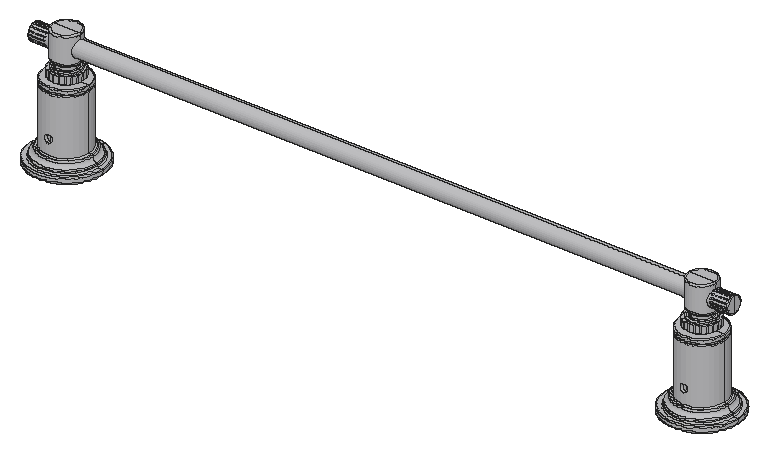
Revit family "Accessory-Towel_Bar-KALLISTA-Central_Park_West-P31424_1", category Specialty Equipment, host Face, Revit 2021 (continued)
Definition of nested family "P31424"
  Lines and regions (in)
    symbolic lines, detail levels medium+fine
      curve 79: arc (-8.98062, -0.46006, 0) -> (-8.92859, -0.45491, 0) -> (-8.87747, -0.44391, 0) r 0.46154
      curve 80: arc (-8.87747, -0.44391, 0) -> (-8.86436, -0.41909, 0) -> (-8.8392, -0.43155, 0) r 0.02011
      curve 81: line (-9.41463, 0.1987, 0) -> (-9.88732, 0.1987, 0)
      curve 82: spline (-9.88732, 0.1987, 0) -> (-9.89142, 0.19861, 0) -> (-9.89534, 0.19785, 0) -> (-9.89877, 0.19647, 0) -> (-9.90143, 0.19458, 0) -> (-9.90312, 0.19233, 0) -> (-9.90369, 0.18991, 0) -> (-9.9031, 0.1875, 0) -> (-9.9014, 0.1853, 0) -> (-9.89872, 0.18349, 0) -> (-9.89528, 0.18221, 0) -> (-9.89136, 0.18155, 0) -> (-9.88726, 0.18158, 0)
      curve 83: line (-9.88726, 0.18158, 0) -> (-9.41463, 0.18158, 0)
      curve 84: line (-9.4136, 0.12942, 0) -> (-9.8873, 0.12942, 0)
      curve 85: spline (-9.8873, 0.12942, 0) -> (-9.8914, 0.12935, 0) -> (-9.89533, 0.12828, 0) -> (-9.89876, 0.12629, 0) -> (-9.90143, 0.12356, 0) -> (-9.90311, 0.12029, 0) -> (-9.90369, 0.11675, 0) -> (-9.9031, 0.11322, 0) -> (-9.90141, 0.10999, 0) -> (-9.89873, 0.1073, 0) -> (-9.89529, 0.10538, 0) -> (-9.89137, 0.10438, 0) -> (-9.88726, 0.10438, 0)
      curve 86: line (-9.88726, 0.10438, 0) -> (-9.4136, 0.10438, 0)
      curve 87: line (-9.40924, 0.03796, 0) -> (-9.8873, 0.03796, 0)
      curve 88: spline (-9.8873, 0.03796, 0) -> (-9.8914, 0.0379, 0) -> (-9.89532, 0.03671, 0) -> (-9.89875, 0.03447, 0) -> (-9.90142, 0.03136, 0) -> (-9.90311, 0.02764, 0) -> (-9.90369, 0.0236, 0) -> (-9.90311, 0.01956, 0) -> (-9.90141, 0.01584, 0) -> (-9.89873, 0.01275, 0) -> (-9.8953, 0.01053, 0) -> (-9.89137, 0.00935, 0) -> (-9.88727, 0.00932, 0)
      curve 89: line (-9.88727, 0.00932, 0) -> (-9.40924, 0.00932, 0)
      curve 90: line (-9.41232, -0.05989, 0) -> (-9.88729, -0.05989, 0)
      curve 91: spline (-9.88729, -0.05989, 0) -> (-9.89139, -0.05991, 0) -> (-9.89532, -0.06102, 0) -> (-9.89875, -0.06313, 0) -> (-9.90142, -0.06607, 0) -> (-9.90311, -0.06961, 0) -> (-9.90369, -0.07345, 0) -> (-9.90311, -0.07731, 0) -> (-9.90141, -0.08086, 0) -> (-9.89874, -0.08382, 0) -> (-9.8953, -0.08597, 0) -> (-9.89138, -0.08711, 0) -> (-9.88727, -0.08717, 0)
      curve 92: line (-9.88727, -0.08717, 0) -> (-9.41232, -0.08717, 0)
      curve 93: line (-9.41223, -0.14719, 0) -> (-9.88728, -0.14719, 0)
      curve 94: spline (-9.88728, -0.14719, 0) -> (-9.89138, -0.14718, 0) -> (-9.89531, -0.14801, 0) -> (-9.89874, -0.14963, 0) -> (-9.90142, -0.15189, 0) -> (-9.90311, -0.15463, 0) -> (-9.90369, -0.15762, 0) -> (-9.90311, -0.16062, 0) -> (-9.90142, -0.16339, 0) -> (-9.89874, -0.16572, 0) -> (-9.89531, -0.16741, 0) -> (-9.89138, -0.16833, 0) -> (-9.88728, -0.1684, 0)
      curve 95: line (-9.88728, -0.1684, 0) -> (-9.41223, -0.1684, 0)
      curve 96: line (-9.40772, -0.20885, 0) -> (-9.88727, -0.20885, 0)
      curve 97: spline (-9.88727, -0.20885, 0) -> (-9.89137, -0.20881, 0) -> (-9.89529, -0.20922, 0) -> (-9.89873, -0.21007, 0) -> (-9.90141, -0.21127, 0) -> (-9.9031, -0.21273, 0) -> (-9.90369, -0.21434, 0) -> (-9.90311, -0.21597, 0) -> (-9.90143, -0.21749, 0) -> (-9.89876, -0.21877, 0) -> (-9.89533, -0.21971, 0) -> (-9.89141, -0.22025, 0) -> (-9.88731, -0.22033, 0)
      curve 98: line (-9.88731, -0.22033, 0) -> (-9.40772, -0.22033, 0)
      curve 99: arc (-9.41463, 0.18158, 0) -> (-9.40607, 0.19014, 0) -> (-9.41463, 0.1987, 0) r 0.00856
      curve 100: arc (-9.4136, 0.10438, 0) -> (-9.40108, 0.1169, 0) -> (-9.4136, 0.12942, 0) r 0.01252
      curve 101: arc (-9.40924, 0.00932, 0) -> (-9.39492, 0.02364, 0) -> (-9.40924, 0.03796, 0) r 0.01432
      curve 102: arc (-9.41232, -0.08717, 0) -> (-9.39867, -0.07353, 0) -> (-9.41232, -0.05989, 0) r 0.01364
      curve 103: arc (-9.41223, -0.1684, 0) -> (-9.40162, -0.1578, 0) -> (-9.41223, -0.14719, 0) r 0.01061
      curve 104: arc (-9.40772, -0.22033, 0) -> (-9.40198, -0.21459, 0) -> (-9.40772, -0.20885, 0) r 0.00574
      curve 105: circle (-9, 0.0006, 0) r 0.38848 normal (0, 0, 1)
      curve 106: line (-8.69159, 0.23682, 0) -> (-8.0022, 0.23682, 0)
      curve 107: line (-8.69159, -0.23562, 0) -> (-8.0023, -0.23562, 0)
      curve 108: line (9.89, 0.23682, 0) -> (9.30841, 0.23682, 0)
      curve 109: line (9.89016, -0.23562, 0) -> (9.30841, -0.23562, 0)
      curve 110: arc (9.82788, 0.23682, 0) -> (9, 0.86187, 0) -> (8.17212, 0.23682, 0) r 0.86079
      curve 111: arc (9.5896, 0.23682, 0) -> (9, 0.63605, 0) -> (8.4104, 0.23682, 0) r 0.63498
      curve 112: arc (8.43369, 0.23682, 0) -> (9, 0.6142, 0) -> (9.56631, 0.23682, 0) r 0.6136
      curve 113: arc (8.31769, 0.23682, 0) -> (9, 0.72297, 0) -> (9.68231, 0.23682, 0) r 0.72189
      curve 114: arc (8.18952, 0.23682, 0) -> (9, 0.84514, 0) -> (9.81048, 0.23682, 0) r 0.84407
      curve 115: arc (8.17239, -0.23562, 0) -> (9, -0.85971, 0) -> (9.82761, -0.23562, 0) r 0.86079
      curve 116: arc (8.41079, -0.23562, 0) -> (9, -0.6339, 0) -> (9.58921, -0.23562, 0) r 0.63498
      curve 117: arc (9.56631, -0.23562, 0) -> (9, -0.613, 0) -> (8.43369, -0.23562, 0) r 0.6136
      curve 118: arc (9.68198, -0.23562, 0) -> (9, -0.72081, 0) -> (8.31802, -0.23562, 0) r 0.72189
      curve 119: arc (9.8102, -0.23562, 0) -> (9, -0.84299, 0) -> (8.1898, -0.23562, 0) r 0.84407
      curve 120: line (9.90986, -0.21592, 0) -> (9.90986, 0.21696, 0)
      curve 121: arc (9.90986, 0.21696, 0) -> (9.90404, 0.231, 0) -> (9.89, 0.23682, 0) r 0.01986
      curve 122: arc (9.89016, -0.23562, 0) -> (9.90409, -0.22985, 0) -> (9.90986, -0.21592, 0) r 0.0197
      curve 123: arc (8.61452, 0.25491, 0) -> (8.64277, 0.2593, 0) -> (8.63809, 0.28751, 0) r 0.02011
      curve 124: arc (8.63809, 0.28751, 0) -> (8.67289, 0.32669, 0) -> (8.71191, 0.36167, 0) r 0.46154
      curve 125: arc (8.71191, 0.36167, 0) -> (8.7402, 0.35703, 0) -> (8.7444, 0.38538, 0) r 0.02011
      curve 126: arc (8.7444, 0.38538, 0) -> (8.78963, 0.41189, 0) -> (8.83757, 0.43309, 0) r 0.46154
      curve 127: arc (8.83757, 0.43309, 0) -> (8.86305, 0.41987, 0) -> (8.8758, 0.44559, 0) r 0.02011
      curve 128: arc (8.8758, 0.44559, 0) -> (8.92701, 0.45681, 0) -> (8.97916, 0.46215, 0) r 0.46154
      curve 129: arc (8.97916, 0.46215, 0) -> (8.99931, 0.44166, 0) -> (9.01939, 0.46221, 0) r 0.02011
      curve 130: arc (9.01939, 0.46221, 0) -> (9.07156, 0.45704, 0) -> (9.12281, 0.44598, 0) r 0.46154
      curve 131: arc (9.12281, 0.44598, 0) -> (9.13563, 0.42029, 0) -> (9.16107, 0.4336, 0) r 0.02011
      curve 132: arc (9.16107, 0.4336, 0) -> (9.20908, 0.41255, 0) -> (9.25439, 0.38619, 0) r 0.46154
      curve 133: arc (9.25439, 0.38619, 0) -> (9.25868, 0.35784, 0) -> (9.28695, 0.36257, 0) r 0.02011
      curve 134: arc (9.28695, 0.36257, 0) -> (9.32608, 0.32771, 0) -> (9.36101, 0.28865, 0) r 0.46154
      curve 135: arc (9.36101, 0.28865, 0) -> (9.35641, 0.26043, 0) -> (9.38468, 0.25612, 0) r 0.02011
      curve 136: arc (8.8392, -0.43155, 0) -> (8.7913, -0.41059, 0) -> (8.74608, -0.38434, 0) r 0.46154
      curve 137: arc (8.74608, -0.38434, 0) -> (8.7413, -0.35663, 0) -> (8.71349, -0.36077, 0) r 0.02011
      curve 138: arc (8.71349, -0.36077, 0) -> (8.67439, -0.32603, 0) -> (8.63947, -0.28709, 0) r 0.46154
      curve 139: arc (8.63947, -0.28709, 0) -> (8.64357, -0.2592, 0) -> (8.61575, -0.25461, 0) r 0.02011
      curve 140: arc (9.38505, -0.2534, 0) -> (9.35725, -0.25808, 0) -> (9.36143, -0.28596, 0) r 0.02011
      curve 141: arc (9.36143, -0.28596, 0) -> (9.32664, -0.32501, 0) -> (9.28765, -0.35987, 0) r 0.46154
      curve 142: arc (9.28765, -0.35987, 0) -> (9.25982, -0.35582, 0) -> (9.25513, -0.38354, 0) r 0.02011
      curve 143: arc (9.25513, -0.38354, 0) -> (9.20999, -0.40993, 0) -> (9.16215, -0.43105, 0) r 0.46154
      curve 144: arc (9.16215, -0.43105, 0) -> (9.13696, -0.41866, 0) -> (9.12392, -0.44352, 0) r 0.02011
      curve 145: arc (9.12392, -0.44352, 0) -> (9.07284, -0.45468, 0) -> (9.02083, -0.46, 0) r 0.46154
      curve 146: arc (9.02083, -0.46, 0) -> (9.00069, -0.44047, 0) -> (8.98062, -0.46006, 0) r 0.02011
      curve 147: arc (8.98062, -0.46006, 0) -> (8.92859, -0.45491, 0) -> (8.87747, -0.44391, 0) r 0.46154
      curve 148: arc (8.87747, -0.44391, 0) -> (8.86436, -0.41909, 0) -> (8.8392, -0.43155, 0) r 0.02011
      curve 149: line (9.41463, 0.1987, 0) -> (9.88732, 0.1987, 0)
      curve 150: spline (9.88732, 0.1987, 0) -> (9.89142, 0.19861, 0) -> (9.89534, 0.19785, 0) -> (9.89877, 0.19647, 0) -> (9.90143, 0.19458, 0) -> (9.90312, 0.19233, 0) -> (9.90369, 0.18991, 0) -> (9.9031, 0.1875, 0) -> (9.9014, 0.1853, 0) -> (9.89872, 0.18349, 0) -> (9.89528, 0.18221, 0) -> (9.89136, 0.18155, 0) -> (9.88726, 0.18158, 0)
      curve 151: line (9.88726, 0.18158, 0) -> (9.41463, 0.18158, 0)
      curve 152: line (9.4136, 0.12942, 0) -> (9.8873, 0.12942, 0)
      curve 153: spline (9.8873, 0.12942, 0) -> (9.8914, 0.12935, 0) -> (9.89533, 0.12828, 0) -> (9.89876, 0.12629, 0) -> (9.90143, 0.12356, 0) -> (9.90311, 0.12029, 0) -> (9.90369, 0.11675, 0) -> (9.9031, 0.11322, 0) -> (9.90141, 0.10999, 0) -> (9.89873, 0.1073, 0) -> (9.89529, 0.10538, 0) -> (9.89137, 0.10438, 0) -> (9.88726, 0.10438, 0)
      curve 154: line (9.88726, 0.10438, 0) -> (9.4136, 0.10438, 0)
      curve 155: line (9.40924, 0.03796, 0) -> (9.8873, 0.03796, 0)
      curve 156: spline (9.8873, 0.03796, 0) -> (9.8914, 0.0379, 0) -> (9.89532, 0.03671, 0) -> (9.89875, 0.03447, 0) -> (9.90142, 0.03136, 0) -> (9.90311, 0.02764, 0) -> (9.90369, 0.0236, 0) -> (9.90311, 0.01956, 0) -> (9.90141, 0.01584, 0) -> (9.89873, 0.01275, 0) -> (9.8953, 0.01053, 0) -> (9.89137, 0.00935, 0) -> (9.88727, 0.00932, 0)
      curve 157: line (9.88727, 0.00932, 0) -> (9.40924, 0.00932, 0)
      curve 158: line (9.41232, -0.05989, 0) -> (9.88729, -0.05989, 0)
      curve 159: spline (9.88729, -0.05989, 0) -> (9.89139, -0.05991, 0) -> (9.89532, -0.06102, 0) -> (9.89875, -0.06313, 0) -> (9.90142, -0.06607, 0) -> (9.90311, -0.06961, 0) -> (9.90369, -0.07345, 0) -> (9.90311, -0.07731, 0) -> (9.90141, -0.08086, 0) -> (9.89874, -0.08382, 0) -> (9.8953, -0.08597, 0) -> (9.89138, -0.08711, 0) -> (9.88727, -0.08717, 0)
      curve 160: line (9.88727, -0.08717, 0) -> (9.41232, -0.08717, 0)
      curve 161: line (9.41223, -0.14719, 0) -> (9.88728, -0.14719, 0)
      curve 162: spline (9.88728, -0.14719, 0) -> (9.89138, -0.14718, 0) -> (9.89531, -0.14801, 0) -> (9.89874, -0.14963, 0) -> (9.90142, -0.15189, 0) -> (9.90311, -0.15463, 0) -> (9.90369, -0.15762, 0) -> (9.90311, -0.16062, 0) -> (9.90142, -0.16339, 0) -> (9.89874, -0.16572, 0) -> (9.89531, -0.16741, 0) -> (9.89138, -0.16833, 0) -> (9.88728, -0.1684, 0)
      curve 163: line (9.88728, -0.1684, 0) -> (9.41223, -0.1684, 0)
      curve 164: line (9.40772, -0.20885, 0) -> (9.88727, -0.20885, 0)
      curve 165: spline (9.88727, -0.20885, 0) -> (9.89137, -0.20881, 0) -> (9.89529, -0.20922, 0) -> (9.89873, -0.21007, 0) -> (9.90141, -0.21127, 0) -> (9.9031, -0.21273, 0) -> (9.90369, -0.21434, 0) -> (9.90311, -0.21597, 0) -> (9.90143, -0.21749, 0) -> (9.89876, -0.21877, 0) -> (9.89533, -0.21971, 0) -> (9.89141, -0.22025, 0) -> (9.88731, -0.22033, 0)
      curve 166: line (9.88731, -0.22033, 0) -> (9.40772, -0.22033, 0)
      curve 167: arc (9.4136, 0.10438, 0) -> (9.40108, 0.1169, 0) -> (9.4136, 0.12942, 0) r 0.01252
      curve 168: arc (9.40924, 0.00932, 0) -> (9.39492, 0.02364, 0) -> (9.40924, 0.03796, 0) r 0.01432
      curve 169: arc (9.41232, -0.08717, 0) -> (9.39867, -0.07353, 0) -> (9.41232, -0.05989, 0) r 0.01364
      curve 170: arc (9.41223, -0.1684, 0) -> (9.40162, -0.1578, 0) -> (9.41223, -0.14719, 0) r 0.01061
      curve 171: circle (9, 0.0006, 0) r 0.38848 normal (0, 0, -1)
      curve 172: line (8.69159, 0.23682, 0) -> (8.0022, 0.23682, 0)
      curve 173: line (8.69159, -0.23562, 0) -> (8.0023, -0.23562, 0)
      curve 174: arc (8.6032, 0.23682, 0) -> (8.60876, 0.24593, 0) -> (8.61452, 0.25491, 0) r 0.46154
      curve 175: arc (9.38468, 0.25612, 0) -> (9.39086, 0.24654, 0) -> (9.3968, 0.23682, 0) r 0.46154
      curve 176: arc (8.61575, -0.25461, 0) -> (8.60965, -0.24519, 0) -> (8.60377, -0.23562, 0) r 0.46154
      curve 177: arc (9.39623, -0.23562, 0) -> (9.39074, -0.24457, 0) -> (9.38505, -0.2534, 0) r 0.46154
      curve 178: arc (9.41463, 0.18158, 0) -> (9.40607, 0.19014, 0) -> (9.41463, 0.1987, 0) r 0.00856
      curve 179: arc (9.40772, -0.22033, 0) -> (9.40198, -0.21459, 0) -> (9.40772, -0.20885, 0) r 0.00574
      curve 180: arc (-8.61152, 0.0006, 3.24363) -> (-8.69723, 0.0006, 3.00179) -> (-8.61152, 0.0006, 2.75995) r 0.38407
      curve 181: arc (-9.38848, 0.0006, 3.24363) -> (-9.30659, 0.0006, 3.00179) -> (-9.38848, 0.0006, 2.75995) r 0.39806
      curve 182: line (-8.41956, 0.0006, 2.02502) -> (-9.58044, 0.0006, 2.02502)
      curve 183: line (-8.45675, 0.0006, 2.00768) -> (-9.54325, 0.0006, 2.00768)
      curve 184: line (-8.70113, 0.0006, 2.45002) -> (-9.29887, 0.0006, 2.45002)
      curve 185: arc (-8.5707, 0.0006, 2.22967) -> (-8.57534, 0.0006, 2.21687) -> (-8.58709, 0.0006, 2.21) r 0.02
      curve 186: line (-8.73906, 0.0006, 2.39) -> (-8.73906, 0.0006, 2.21)
      curve 187: line (-8.84006, 0.0006, 2.39) -> (-8.84006, 0.0006, 2.21)
      curve 188: line (-8.95196, 0.0006, 2.39) -> (-8.95196, 0.0006, 2.21)
      curve 189: line (-9.18371, 0.0006, 2.23148) -> (-9.18371, 0.0006, 2.3702)
      curve 190: line (-9.06787, 0.0006, 2.23139) -> (-9.06787, 0.0006, 2.37108)
      curve 191: line (-9.45221, 0.0006, 2.21411) -> (-9.45221, 0.0006, 2.38633)
      curve 192: line (-9.4293, 0.0006, 2.36807) -> (-9.4293, 0.0006, 2.22967)
      curve 193: line (-9.41291, 0.0006, 2.21) -> (-9.41291, 0.0006, 2.39)
      curve 194: line (-9.3708, 0.0006, 2.23161) -> (-9.3708, 0.0006, 2.3702)
      curve 195: line (-9.34546, 0.0006, 2.39) -> (-9.34546, 0.0006, 2.21)
      curve 196: line (-9.28704, 0.0006, 2.23155) -> (-9.28704, 0.0006, 2.3702)
      curve 197: spline (-9.40611, 0.0006, 2.39) -> (-9.40911, 0.0006, 2.39041) -> (-9.41215, 0.0006, 2.39032) -> (-9.41513, 0.0006, 2.38974) -> (-9.41799, 0.0006, 2.38867) -> (-9.42066, 0.0006, 2.38715) -> (-9.42307, 0.0006, 2.38521) -> (-9.42515, 0.0006, 2.3829) -> (-9.42686, 0.0006, 2.38028) -> (-9.42816, 0.0006, 2.37742) -> (-9.42901, 0.0006, 2.37437) -> (-9.42939, 0.0006, 2.37123) -> (-9.4293, 0.0006, 2.36807)
      curve 198: spline (-9.37051, 0.0006, 2.37026) -> (-9.36982, 0.0006, 2.37284) -> (-9.3687, 0.0006, 2.37544) -> (-9.36716, 0.0006, 2.37801) -> (-9.36526, 0.0006, 2.38048) -> (-9.36304, 0.0006, 2.38279) -> (-9.36056, 0.0006, 2.38486) -> (-9.35789, 0.0006, 2.38665) -> (-9.35509, 0.0006, 2.38811) -> (-9.35224, 0.0006, 2.38919) -> (-9.34942, 0.0006, 2.38988) -> (-9.3467, 0.0006, 2.39016) -> (-9.34416, 0.0006, 2.39)
      curve 199: spline (-9.28671, 0.0006, 2.37026) -> (-9.28653, 0.0006, 2.37284) -> (-9.28584, 0.0006, 2.37544) -> (-9.28468, 0.0006, 2.37801) -> (-9.28306, 0.0006, 2.38048) -> (-9.28104, 0.0006, 2.38279) -> (-9.27866, 0.0006, 2.38486) -> (-9.276, 0.0006, 2.38665) -> (-9.27311, 0.0006, 2.38811) -> (-9.27008, 0.0006, 2.38919) -> (-9.26699, 0.0006, 2.38988) -> (-9.26391, 0.0006, 2.39016) -> (-9.26094, 0.0006, 2.39)
      curve 200: spline (-9.18338, 0.0006, 2.37026) -> (-9.1837, 0.0006, 2.37284) -> (-9.18351, 0.0006, 2.37544) -> (-9.18279, 0.0006, 2.37801) -> (-9.18157, 0.0006, 2.38048) -> (-9.17988, 0.0006, 2.38279) -> (-9.17777, 0.0006, 2.38486) -> (-9.1753, 0.0006, 2.38665) -> (-9.17252, 0.0006, 2.38811) -> (-9.16951, 0.0006, 2.38919) -> (-9.16636, 0.0006, 2.38988) -> (-9.16314, 0.0006, 2.39016) -> (-9.15994, 0.0006, 2.39)
      curve 201: spline (-9.06787, 0.0006, 2.37108) -> (-9.06851, 0.0006, 2.3736) -> (-9.06865, 0.0006, 2.37614) -> (-9.06831, 0.0006, 2.37862) -> (-9.06748, 0.0006, 2.38099) -> (-9.06618, 0.0006, 2.38319) -> (-9.06446, 0.0006, 2.38517) -> (-9.06234, 0.0006, 2.38686) -> (-9.05989, 0.0006, 2.38824) -> (-9.05716, 0.0006, 2.38926) -> (-9.05423, 0.0006, 2.38991) -> (-9.05116, 0.0006, 2.39016) -> (-9.04804, 0.0006, 2.39)
      curve 202: spline (-9.05112, 0.0006, 2.21) -> (-9.05331, 0.0006, 2.20963) -> (-9.05552, 0.0006, 2.20974) -> (-9.05768, 0.0006, 2.21032) -> (-9.05975, 0.0006, 2.21137) -> (-9.06167, 0.0006, 2.21285) -> (-9.0634, 0.0006, 2.21474) -> (-9.06489, 0.0006, 2.21698) -> (-9.06612, 0.0006, 2.21952) -> (-9.06705, 0.0006, 2.2223) -> (-9.06766, 0.0006, 2.22525) -> (-9.06793, 0.0006, 2.22831) -> (-9.06787, 0.0006, 2.23139)
      curve 203: spline (-9.16321, 0.0006, 2.21) -> (-9.16589, 0.0006, 2.20963) -> (-9.16858, 0.0006, 2.20974) -> (-9.17122, 0.0006, 2.21033) -> (-9.17375, 0.0006, 2.21138) -> (-9.1761, 0.0006, 2.21287) -> (-9.17822, 0.0006, 2.21477) -> (-9.18006, 0.0006, 2.21702) -> (-9.18156, 0.0006, 2.21957) -> (-9.1827, 0.0006, 2.22236) -> (-9.18345, 0.0006, 2.22532) -> (-9.18379, 0.0006, 2.22839) -> (-9.18371, 0.0006, 2.23148)
      curve 204: spline (-9.26417, 0.0006, 2.21) -> (-9.26715, 0.0006, 2.20963) -> (-9.27015, 0.0006, 2.20974) -> (-9.2731, 0.0006, 2.21033) -> (-9.27591, 0.0006, 2.21139) -> (-9.27854, 0.0006, 2.21289) -> (-9.2809, 0.0006, 2.21479) -> (-9.28295, 0.0006, 2.21705) -> (-9.28463, 0.0006, 2.21961) -> (-9.28591, 0.0006, 2.22241) -> (-9.28675, 0.0006, 2.22538) -> (-9.28712, 0.0006, 2.22845) -> (-9.28704, 0.0006, 2.23155)
      curve 205: spline (-9.34713, 0.0006, 2.21) -> (-9.35021, 0.0006, 2.20963) -> (-9.35331, 0.0006, 2.20974) -> (-9.35636, 0.0006, 2.21034) -> (-9.35928, 0.0006, 2.2114) -> (-9.36199, 0.0006, 2.2129) -> (-9.36444, 0.0006, 2.21481) -> (-9.36656, 0.0006, 2.21707) -> (-9.3683, 0.0006, 2.21964) -> (-9.36963, 0.0006, 2.22245) -> (-9.3705, 0.0006, 2.22543) -> (-9.37089, 0.0006, 2.22851) -> (-9.3708, 0.0006, 2.23161)
      curve 206: arc (-9.4293, 0.0006, 2.22967) -> (-9.42466, 0.0006, 2.21687) -> (-9.41291, 0.0006, 2.21) r 0.02
      curve 207: line (-9.26094, 0.0006, 2.39) -> (-9.26094, 0.0006, 2.21)
      curve 208: line (-9.15994, 0.0006, 2.39) -> (-9.15994, 0.0006, 2.21)
      curve 209: line (-9.04804, 0.0006, 2.39) -> (-9.04804, 0.0006, 2.21)
      curve 210: spline (-9.88727, 0.0006, 3.19317) -> (-9.89137, 0.0006, 3.19313) -> (-9.8953, 0.0006, 3.19366) -> (-9.89874, 0.0006, 3.19471) -> (-9.90141, 0.0006, 3.19621) -> (-9.90311, 0.0006, 3.19803) -> (-9.90369, 0.0006, 3.20002) -> (-9.90311, 0.0006, 3.20203) -> (-9.90142, 0.0006, 3.20389) -> (-9.89875, 0.0006, 3.20546) -> (-9.89532, 0.0006, 3.20661) -> (-9.8914, 0.0006, 3.20726) -> (-9.8873, 0.0006, 3.20734)
      curve 211: line (-9.41042, 0.0006, 3.20734) -> (-9.8873, 0.0006, 3.20734)
      curve 212: line (-9.88727, 0.0006, 3.19317) -> (-9.41042, 0.0006, 3.19317)
      curve 213: line (-9.41569, 0.0006, 3.12388) -> (-9.88728, 0.0006, 3.12388)
      curve 214: spline (-9.88728, 0.0006, 3.12388) -> (-9.89139, 0.0006, 3.12388) -> (-9.89531, 0.0006, 3.1248) -> (-9.89875, 0.0006, 3.12657) -> (-9.90142, 0.0006, 3.12904) -> (-9.90311, 0.0006, 3.13203) -> (-9.90369, 0.0006, 3.13529) -> (-9.90311, 0.0006, 3.13856) -> (-9.90141, 0.0006, 3.14158) -> (-9.89874, 0.0006, 3.14411) -> (-9.89531, 0.0006, 3.14594) -> (-9.89138, 0.0006, 3.14694) -> (-9.88728, 0.0006, 3.14701)
      curve 215: line (-9.88728, 0.0006, 3.14701) -> (-9.41569, 0.0006, 3.14701)
      curve 216: line (-9.4174, 0.0006, 3.03241) -> (-9.88729, 0.0006, 3.03241)
      curve 217: spline (-9.88729, 0.0006, 3.03241) -> (-9.89139, 0.0006, 3.03244) -> (-9.89532, 0.0006, 3.03359) -> (-9.89875, 0.0006, 3.03577) -> (-9.90142, 0.0006, 3.0388) -> (-9.90311, 0.0006, 3.04244) -> (-9.90369, 0.0006, 3.04641) -> (-9.90311, 0.0006, 3.05037) -> (-9.90141, 0.0006, 3.05403) -> (-9.89874, 0.0006, 3.05707) -> (-9.8953, 0.0006, 3.05927) -> (-9.89137, 0.0006, 3.06044) -> (-9.88727, 0.0006, 3.0605)
      curve 218: line (-9.88727, 0.0006, 3.0605) -> (-9.4174, 0.0006, 3.0605)
      curve 219: spline (-9.8873, 0.0006, 2.93457) -> (-9.8914, 0.0006, 2.93463) -> (-9.89532, 0.0006, 2.93581) -> (-9.89876, 0.0006, 2.93802) -> (-9.90142, 0.0006, 2.94108) -> (-9.90311, 0.0006, 2.94475) -> (-9.90369, 0.0006, 2.94873) -> (-9.9031, 0.0006, 2.95271) -> (-9.90141, 0.0006, 2.95636) -> (-9.89873, 0.0006, 2.9594) -> (-9.8953, 0.0006, 2.96158) -> (-9.89137, 0.0006, 2.96273) -> (-9.88727, 0.0006, 2.96276)
      curve 220: line (-9.41813, 0.0006, 2.96276) -> (-9.88727, 0.0006, 2.96276)
      curve 221: line (-9.8873, 0.0006, 2.93457) -> (-9.41813, 0.0006, 2.93457)
      curve 222: line (-9.417, 0.0006, 2.84727) -> (-9.88731, 0.0006, 2.84727)
      curve 223: spline (-9.88731, 0.0006, 2.84727) -> (-9.89141, 0.0006, 2.84735) -> (-9.89533, 0.0006, 2.84836) -> (-9.89876, 0.0006, 2.85022) -> (-9.90143, 0.0006, 2.85279) -> (-9.90311, 0.0006, 2.85584) -> (-9.90369, 0.0006, 2.85916) -> (-9.9031, 0.0006, 2.86246) -> (-9.9014, 0.0006, 2.86548) -> (-9.89873, 0.0006, 2.86799) -> (-9.89529, 0.0006, 2.86977) -> (-9.89136, 0.0006, 2.8707) -> (-9.88726, 0.0006, 2.87069)
      curve 224: line (-9.88726, 0.0006, 2.87069) -> (-9.417, 0.0006, 2.87069)
      curve 225: line (-9.41356, 0.0006, 2.78562) -> (-9.88733, 0.0006, 2.78562)
      curve 226: spline (-9.88733, 0.0006, 2.78562) -> (-9.89143, 0.0006, 2.78571) -> (-9.89535, 0.0006, 2.78637) -> (-9.89877, 0.0006, 2.78756) -> (-9.90144, 0.0006, 2.78918) -> (-9.90312, 0.0006, 2.7911) -> (-9.90369, 0.0006, 2.79317) -> (-9.9031, 0.0006, 2.79522) -> (-9.9014, 0.0006, 2.79709) -> (-9.89872, 0.0006, 2.79863) -> (-9.89528, 0.0006, 2.79971) -> (-9.89135, 0.0006, 2.80026) -> (-9.88725, 0.0006, 2.80022)
      curve 227: line (-9.88725, 0.0006, 2.80022) -> (-9.41356, 0.0006, 2.80022)
      curve 228: arc (-9.41042, 0.0006, 3.19317) -> (-9.40334, 0.0006, 3.20025) -> (-9.41042, 0.0006, 3.20734) r 0.00708
      curve 229: arc (-9.41569, 0.0006, 3.14701) -> (-9.40413, 0.0006, 3.13545) -> (-9.41569, 0.0006, 3.12388) r 0.01156
      curve 230: arc (-9.4174, 0.0006, 3.0605) -> (-9.40336, 0.0006, 3.04645) -> (-9.4174, 0.0006, 3.03241) r 0.01404
      curve 231: arc (-9.41813, 0.0006, 2.93457) -> (-9.40404, 0.0006, 2.94866) -> (-9.41813, 0.0006, 2.96276) r 0.0141
      curve 232: arc (-9.417, 0.0006, 2.87069) -> (-9.40529, 0.0006, 2.85898) -> (-9.417, 0.0006, 2.84727) r 0.01171
      curve 233: arc (-9.41356, 0.0006, 2.80022) -> (-9.40626, 0.0006, 2.79292) -> (-9.41356, 0.0006, 2.78562) r 0.0073
      curve 234: line (9.36841, 0.0006, 2.637) -> (8.63159, 0.0006, 2.637)
      curve 235: line (9.33698, 0.0006, 2.578) -> (8.66302, 0.0006, 2.578)
      curve 236: line (9.44174, 0.0006, 2.39) -> (8.56216, 0.0006, 2.39)
      curve 237: line (8.81629, 0.0006, 2.23148) -> (8.81629, 0.0006, 2.3702)
      curve 238: line (8.93213, 0.0006, 2.23139) -> (8.93213, 0.0006, 2.37108)
      curve 239: line (8.54779, 0.0006, 2.21411) -> (8.54779, 0.0006, 2.38633)
      curve 240: line (8.5707, 0.0006, 2.36807) -> (8.5707, 0.0006, 2.22967)
      curve 241: line (8.58709, 0.0006, 2.21) -> (8.58709, 0.0006, 2.39)
      curve 242: line (8.6292, 0.0006, 2.23161) -> (8.6292, 0.0006, 2.3702)
      curve 243: line (8.65454, 0.0006, 2.39) -> (8.65454, 0.0006, 2.21)
      curve 244: line (8.71296, 0.0006, 2.23155) -> (8.71296, 0.0006, 2.3702)
      curve 245: spline (8.59389, 0.0006, 2.39) -> (8.59089, 0.0006, 2.39041) -> (8.58785, 0.0006, 2.39032) -> (8.58487, 0.0006, 2.38974) -> (8.58201, 0.0006, 2.38867) -> (8.57934, 0.0006, 2.38715) -> (8.57693, 0.0006, 2.38521) -> (8.57485, 0.0006, 2.3829) -> (8.57314, 0.0006, 2.38028) -> (8.57184, 0.0006, 2.37742) -> (8.57099, 0.0006, 2.37437) -> (8.57061, 0.0006, 2.37123) -> (8.5707, 0.0006, 2.36807)
      curve 246: spline (8.62949, 0.0006, 2.37026) -> (8.63018, 0.0006, 2.37284) -> (8.6313, 0.0006, 2.37544) -> (8.63284, 0.0006, 2.37801) -> (8.63474, 0.0006, 2.38048) -> (8.63696, 0.0006, 2.38279) -> (8.63944, 0.0006, 2.38486) -> (8.64211, 0.0006, 2.38665) -> (8.64491, 0.0006, 2.38811) -> (8.64776, 0.0006, 2.38919) -> (8.65058, 0.0006, 2.38988) -> (8.6533, 0.0006, 2.39016) -> (8.65584, 0.0006, 2.39)
      curve 247: spline (8.71329, 0.0006, 2.37026) -> (8.71347, 0.0006, 2.37284) -> (8.71416, 0.0006, 2.37544) -> (8.71532, 0.0006, 2.37801) -> (8.71694, 0.0006, 2.38048) -> (8.71896, 0.0006, 2.38279) -> (8.72134, 0.0006, 2.38486) -> (8.724, 0.0006, 2.38665) -> (8.72689, 0.0006, 2.38811) -> (8.72992, 0.0006, 2.38919) -> (8.73301, 0.0006, 2.38988) -> (8.73609, 0.0006, 2.39016) -> (8.73906, 0.0006, 2.39)
      curve 248: spline (8.81662, 0.0006, 2.37026) -> (8.8163, 0.0006, 2.37284) -> (8.81649, 0.0006, 2.37544) -> (8.81721, 0.0006, 2.37801) -> (8.81843, 0.0006, 2.38048) -> (8.82012, 0.0006, 2.38279) -> (8.82223, 0.0006, 2.38486) -> (8.8247, 0.0006, 2.38665) -> (8.82748, 0.0006, 2.38811) -> (8.83049, 0.0006, 2.38919) -> (8.83364, 0.0006, 2.38988) -> (8.83686, 0.0006, 2.39016) -> (8.84006, 0.0006, 2.39)
      curve 249: spline (8.93213, 0.0006, 2.37108) -> (8.93149, 0.0006, 2.3736) -> (8.93135, 0.0006, 2.37614) -> (8.93169, 0.0006, 2.37862) -> (8.93252, 0.0006, 2.38099) -> (8.93382, 0.0006, 2.38319) -> (8.93554, 0.0006, 2.38517) -> (8.93766, 0.0006, 2.38686) -> (8.94011, 0.0006, 2.38824) -> (8.94284, 0.0006, 2.38926) -> (8.94577, 0.0006, 2.38991) -> (8.94884, 0.0006, 2.39016) -> (8.95196, 0.0006, 2.39)
      curve 250: spline (8.94888, 0.0006, 2.21) -> (8.94669, 0.0006, 2.20963) -> (8.94448, 0.0006, 2.20974) -> (8.94232, 0.0006, 2.21032) -> (8.94025, 0.0006, 2.21137) -> (8.93833, 0.0006, 2.21285) -> (8.9366, 0.0006, 2.21474) -> (8.93511, 0.0006, 2.21698) -> (8.93388, 0.0006, 2.21952) -> (8.93295, 0.0006, 2.2223) -> (8.93234, 0.0006, 2.22525) -> (8.93207, 0.0006, 2.22831) -> (8.93213, 0.0006, 2.23139)
      curve 251: spline (8.83679, 0.0006, 2.21) -> (8.83411, 0.0006, 2.20963) -> (8.83142, 0.0006, 2.20974) -> (8.82878, 0.0006, 2.21033) -> (8.82625, 0.0006, 2.21138) -> (8.8239, 0.0006, 2.21287) -> (8.82178, 0.0006, 2.21477) -> (8.81994, 0.0006, 2.21702) -> (8.81844, 0.0006, 2.21957) -> (8.8173, 0.0006, 2.22236) -> (8.81655, 0.0006, 2.22532) -> (8.81621, 0.0006, 2.22839) -> (8.81629, 0.0006, 2.23148)
      curve 252: spline (8.73583, 0.0006, 2.21) -> (8.73285, 0.0006, 2.20963) -> (8.72985, 0.0006, 2.20974) -> (8.7269, 0.0006, 2.21033) -> (8.72409, 0.0006, 2.21139) -> (8.72146, 0.0006, 2.21289) -> (8.7191, 0.0006, 2.21479) -> (8.71705, 0.0006, 2.21705) -> (8.71537, 0.0006, 2.21961) -> (8.71409, 0.0006, 2.22241) -> (8.71325, 0.0006, 2.22538) -> (8.71288, 0.0006, 2.22845) -> (8.71296, 0.0006, 2.23155)
      curve 253: line (9.39693, 0.0006, 2.21) -> (8.60307, 0.0006, 2.21)
      curve 254: spline (8.65287, 0.0006, 2.21) -> (8.64979, 0.0006, 2.20963) -> (8.64669, 0.0006, 2.20974) -> (8.64364, 0.0006, 2.21034) -> (8.64072, 0.0006, 2.2114) -> (8.63801, 0.0006, 2.2129) -> (8.63556, 0.0006, 2.21481) -> (8.63344, 0.0006, 2.21707) -> (8.6317, 0.0006, 2.21964) -> (8.63037, 0.0006, 2.22245) -> (8.6295, 0.0006, 2.22543) -> (8.62911, 0.0006, 2.22851) -> (8.6292, 0.0006, 2.23161)
      curve 255: line (9.61527, 0.0006, 2.15003) -> (8.38473, 0.0006, 2.15003)
      curve 256: line (9.72189, 0.0006, 0.39976) -> (8.27811, 0.0006, 0.39976)
      curve 257: line (9.84407, 0.0006, 0.23838) -> (8.15593, 0.0006, 0.23838)
      curve 258: line (8.10632, 0.0006, 0.14804) -> (9.89368, 0.0006, 0.14804)
      curve 259: arc (8.61152, 0.0006, 3.24363) -> (8.69723, 0.0006, 3.00179) -> (8.61152, 0.0006, 2.75995) r 0.38407
      curve 260: arc (9.38848, 0.0006, 3.24363) -> (9.30659, 0.0006, 3.00179) -> (9.38848, 0.0006, 2.75995) r 0.39806
      curve 261: line (8.41956, 0.0006, 2.02502) -> (9.58044, 0.0006, 2.02502)
      curve 262: line (8.45675, 0.0006, 2.00768) -> (9.54325, 0.0006, 2.00768)
      curve 263: line (8.70113, 0.0006, 2.45002) -> (9.29887, 0.0006, 2.45002)
      curve 264: line (8.73906, 0.0006, 2.39) -> (8.73906, 0.0006, 2.21)
      curve 265: line (8.84006, 0.0006, 2.39) -> (8.84006, 0.0006, 2.21)
      curve 266: line (8.95196, 0.0006, 2.39) -> (8.95196, 0.0006, 2.21)
      curve 267: line (9.18371, 0.0006, 2.23148) -> (9.18371, 0.0006, 2.3702)
      curve 268: line (9.06787, 0.0006, 2.23139) -> (9.06787, 0.0006, 2.37108)
      curve 269: line (9.45221, 0.0006, 2.21411) -> (9.45221, 0.0006, 2.38633)
      curve 270: line (9.4293, 0.0006, 2.36807) -> (9.4293, 0.0006, 2.22967)
      curve 271: line (9.41291, 0.0006, 2.21) -> (9.41291, 0.0006, 2.39)
      curve 272: line (9.3708, 0.0006, 2.23161) -> (9.3708, 0.0006, 2.3702)
      curve 273: line (9.34546, 0.0006, 2.39) -> (9.34546, 0.0006, 2.21)
      curve 274: line (9.28704, 0.0006, 2.23155) -> (9.28704, 0.0006, 2.3702)
      curve 275: spline (9.40611, 0.0006, 2.39) -> (9.40911, 0.0006, 2.39041) -> (9.41215, 0.0006, 2.39032) -> (9.41513, 0.0006, 2.38974) -> (9.41799, 0.0006, 2.38867) -> (9.42066, 0.0006, 2.38715) -> (9.42307, 0.0006, 2.38521) -> (9.42515, 0.0006, 2.3829) -> (9.42686, 0.0006, 2.38028) -> (9.42816, 0.0006, 2.37742) -> (9.42901, 0.0006, 2.37437) -> (9.42939, 0.0006, 2.37123) -> (9.4293, 0.0006, 2.36807)
      curve 276: spline (9.37051, 0.0006, 2.37026) -> (9.36982, 0.0006, 2.37284) -> (9.3687, 0.0006, 2.37544) -> (9.36716, 0.0006, 2.37801) -> (9.36526, 0.0006, 2.38048) -> (9.36304, 0.0006, 2.38279) -> (9.36056, 0.0006, 2.38486) -> (9.35789, 0.0006, 2.38665) -> (9.35509, 0.0006, 2.38811) -> (9.35224, 0.0006, 2.38919) -> (9.34942, 0.0006, 2.38988) -> (9.3467, 0.0006, 2.39016) -> (9.34416, 0.0006, 2.39)
      curve 277: spline (9.28671, 0.0006, 2.37026) -> (9.28653, 0.0006, 2.37284) -> (9.28584, 0.0006, 2.37544) -> (9.28468, 0.0006, 2.37801) -> (9.28306, 0.0006, 2.38048) -> (9.28104, 0.0006, 2.38279) -> (9.27866, 0.0006, 2.38486) -> (9.276, 0.0006, 2.38665) -> (9.27311, 0.0006, 2.38811) -> (9.27008, 0.0006, 2.38919) -> (9.26699, 0.0006, 2.38988) -> (9.26391, 0.0006, 2.39016) -> (9.26094, 0.0006, 2.39)
      curve 278: spline (9.18338, 0.0006, 2.37026) -> (9.1837, 0.0006, 2.37284) -> (9.18351, 0.0006, 2.37544) -> (9.18279, 0.0006, 2.37801) -> (9.18157, 0.0006, 2.38048) -> (9.17988, 0.0006, 2.38279) -> (9.17777, 0.0006, 2.38486) -> (9.1753, 0.0006, 2.38665) -> (9.17252, 0.0006, 2.38811) -> (9.16951, 0.0006, 2.38919) -> (9.16636, 0.0006, 2.38988) -> (9.16314, 0.0006, 2.39016) -> (9.15994, 0.0006, 2.39)
      curve 279: spline (9.06787, 0.0006, 2.37108) -> (9.06851, 0.0006, 2.3736) -> (9.06865, 0.0006, 2.37614) -> (9.06831, 0.0006, 2.37862) -> (9.06748, 0.0006, 2.38099) -> (9.06618, 0.0006, 2.38319) -> (9.06446, 0.0006, 2.38517) -> (9.06234, 0.0006, 2.38686) -> (9.05989, 0.0006, 2.38824) -> (9.05716, 0.0006, 2.38926) -> (9.05423, 0.0006, 2.38991) -> (9.05116, 0.0006, 2.39016) -> (9.04804, 0.0006, 2.39)
      curve 280: spline (9.05112, 0.0006, 2.21) -> (9.05331, 0.0006, 2.20963) -> (9.05552, 0.0006, 2.20974) -> (9.05768, 0.0006, 2.21032) -> (9.05975, 0.0006, 2.21137) -> (9.06167, 0.0006, 2.21285) -> (9.0634, 0.0006, 2.21474) -> (9.06489, 0.0006, 2.21698) -> (9.06612, 0.0006, 2.21952) -> (9.06705, 0.0006, 2.2223) -> (9.06766, 0.0006, 2.22525) -> (9.06793, 0.0006, 2.22831) -> (9.06787, 0.0006, 2.23139)
      curve 281: spline (9.16321, 0.0006, 2.21) -> (9.16589, 0.0006, 2.20963) -> (9.16858, 0.0006, 2.20974) -> (9.17122, 0.0006, 2.21033) -> (9.17375, 0.0006, 2.21138) -> (9.1761, 0.0006, 2.21287) -> (9.17822, 0.0006, 2.21477) -> (9.18006, 0.0006, 2.21702) -> (9.18156, 0.0006, 2.21957) -> (9.1827, 0.0006, 2.22236) -> (9.18345, 0.0006, 2.22532) -> (9.18379, 0.0006, 2.22839) -> (9.18371, 0.0006, 2.23148)
      curve 282: spline (9.26417, 0.0006, 2.21) -> (9.26715, 0.0006, 2.20963) -> (9.27015, 0.0006, 2.20974) -> (9.2731, 0.0006, 2.21033) -> (9.27591, 0.0006, 2.21139) -> (9.27854, 0.0006, 2.21289) -> (9.2809, 0.0006, 2.21479) -> (9.28295, 0.0006, 2.21705) -> (9.28463, 0.0006, 2.21961) -> (9.28591, 0.0006, 2.22241) -> (9.28675, 0.0006, 2.22538) -> (9.28712, 0.0006, 2.22845) -> (9.28704, 0.0006, 2.23155)
      curve 283: spline (9.34713, 0.0006, 2.21) -> (9.35021, 0.0006, 2.20963) -> (9.35331, 0.0006, 2.20974) -> (9.35636, 0.0006, 2.21034) -> (9.35928, 0.0006, 2.2114) -> (9.36199, 0.0006, 2.2129) -> (9.36444, 0.0006, 2.21481) -> (9.36656, 0.0006, 2.21707) -> (9.3683, 0.0006, 2.21964) -> (9.36963, 0.0006, 2.22245) -> (9.3705, 0.0006, 2.22543) -> (9.37089, 0.0006, 2.22851) -> (9.3708, 0.0006, 2.23161)
      curve 284: line (9.26094, 0.0006, 2.39) -> (9.26094, 0.0006, 2.21)
      curve 285: line (9.15994, 0.0006, 2.39) -> (9.15994, 0.0006, 2.21)
      curve 286: line (9.04804, 0.0006, 2.39) -> (9.04804, 0.0006, 2.21)
      curve 287: spline (9.88727, 0.0006, 3.19317) -> (9.89137, 0.0006, 3.19313) -> (9.8953, 0.0006, 3.19366) -> (9.89874, 0.0006, 3.19471) -> (9.90141, 0.0006, 3.19621) -> (9.90311, 0.0006, 3.19803) -> (9.90369, 0.0006, 3.20002) -> (9.90311, 0.0006, 3.20203) -> (9.90142, 0.0006, 3.20389) -> (9.89875, 0.0006, 3.20546) -> (9.89532, 0.0006, 3.20661) -> (9.8914, 0.0006, 3.20726) -> (9.8873, 0.0006, 3.20734)
      curve 288: line (9.41022, 0.0006, 3.20734) -> (9.8873, 0.0006, 3.20734)
      curve 289: line (9.88727, 0.0006, 3.19317) -> (9.41022, 0.0006, 3.19317)
      curve 290: line (9.41569, 0.0006, 3.12388) -> (9.88728, 0.0006, 3.12388)
      curve 291: spline (9.88728, 0.0006, 3.12388) -> (9.89139, 0.0006, 3.12388) -> (9.89531, 0.0006, 3.1248) -> (9.89875, 0.0006, 3.12657) -> (9.90142, 0.0006, 3.12904) -> (9.90311, 0.0006, 3.13203) -> (9.90369, 0.0006, 3.13529) -> (9.90311, 0.0006, 3.13856) -> (9.90141, 0.0006, 3.14158) -> (9.89874, 0.0006, 3.14411) -> (9.89531, 0.0006, 3.14594) -> (9.89138, 0.0006, 3.14694) -> (9.88728, 0.0006, 3.14701)
      curve 292: line (9.88728, 0.0006, 3.14701) -> (9.41569, 0.0006, 3.14701)
      curve 293: line (9.4174, 0.0006, 3.03241) -> (9.88729, 0.0006, 3.03241)
      curve 294: spline (9.88729, 0.0006, 3.03241) -> (9.89139, 0.0006, 3.03244) -> (9.89532, 0.0006, 3.03359) -> (9.89875, 0.0006, 3.03577) -> (9.90142, 0.0006, 3.0388) -> (9.90311, 0.0006, 3.04244) -> (9.90369, 0.0006, 3.04641) -> (9.90311, 0.0006, 3.05037) -> (9.90141, 0.0006, 3.05403) -> (9.89874, 0.0006, 3.05707) -> (9.8953, 0.0006, 3.05927) -> (9.89137, 0.0006, 3.06044) -> (9.88727, 0.0006, 3.0605)
      curve 295: line (9.88727, 0.0006, 3.0605) -> (9.4174, 0.0006, 3.0605)
      curve 296: spline (9.8873, 0.0006, 2.93457) -> (9.8914, 0.0006, 2.93463) -> (9.89532, 0.0006, 2.93581) -> (9.89876, 0.0006, 2.93802) -> (9.90142, 0.0006, 2.94108) -> (9.90311, 0.0006, 2.94475) -> (9.90369, 0.0006, 2.94873) -> (9.9031, 0.0006, 2.95271) -> (9.90141, 0.0006, 2.95636) -> (9.89873, 0.0006, 2.9594) -> (9.8953, 0.0006, 2.96158) -> (9.89137, 0.0006, 2.96273) -> (9.88727, 0.0006, 2.96276)
      curve 297: line (9.41813, 0.0006, 2.96276) -> (9.88727, 0.0006, 2.96276)
      curve 298: line (9.8873, 0.0006, 2.93457) -> (9.41813, 0.0006, 2.93457)
      curve 299: line (9.417, 0.0006, 2.84727) -> (9.88731, 0.0006, 2.84727)
      curve 300: spline (9.88731, 0.0006, 2.84727) -> (9.89141, 0.0006, 2.84735) -> (9.89533, 0.0006, 2.84836) -> (9.89876, 0.0006, 2.85022) -> (9.90143, 0.0006, 2.85279) -> (9.90311, 0.0006, 2.85584) -> (9.90369, 0.0006, 2.85916) -> (9.9031, 0.0006, 2.86246) -> (9.9014, 0.0006, 2.86548) -> (9.89873, 0.0006, 2.86799) -> (9.89529, 0.0006, 2.86977) -> (9.89136, 0.0006, 2.8707) -> (9.88726, 0.0006, 2.87069)
      curve 301: line (9.88726, 0.0006, 2.87069) -> (9.417, 0.0006, 2.87069)
      curve 302: line (9.41301, 0.0006, 2.78562) -> (9.88733, 0.0006, 2.78562)
      curve 303: spline (9.88733, 0.0006, 2.78562) -> (9.89143, 0.0006, 2.78571) -> (9.89535, 0.0006, 2.78637) -> (9.89877, 0.0006, 2.78756) -> (9.90144, 0.0006, 2.78918) -> (9.90312, 0.0006, 2.7911) -> (9.90369, 0.0006, 2.79317) -> (9.9031, 0.0006, 2.79522) -> (9.9014, 0.0006, 2.79709) -> (9.89872, 0.0006, 2.79863) -> (9.89528, 0.0006, 2.79971) -> (9.89135, 0.0006, 2.80026) -> (9.88725, 0.0006, 2.80022)
      curve 304: line (9.88725, 0.0006, 2.80022) -> (9.41301, 0.0006, 2.80022)
      curve 305: arc (9.41569, 0.0006, 3.14701) -> (9.40413, 0.0006, 3.13545) -> (9.41569, 0.0006, 3.12388) r 0.01156
      curve 306: arc (9.4174, 0.0006, 3.0605) -> (9.40336, 0.0006, 3.04645) -> (9.4174, 0.0006, 3.03241) r 0.01404
      curve 307: arc (9.41813, 0.0006, 2.93457) -> (9.40404, 0.0006, 2.94866) -> (9.41813, 0.0006, 2.96276) r 0.0141
      curve 308: arc (9.417, 0.0006, 2.87069) -> (9.40529, 0.0006, 2.85898) -> (9.417, 0.0006, 2.84727) r 0.01171
      curve 309: arc (9.4293, 0.0006, 2.22967) -> (9.42466, 0.0006, 2.21687) -> (9.41291, 0.0006, 2.21) r 0.02
      curve 310: arc (8.5707, 0.0006, 2.22967) -> (8.57534, 0.0006, 2.21687) -> (8.58709, 0.0006, 2.21) r 0.02
      curve 311: arc (9.41022, 0.0006, 3.19317) -> (9.40313, 0.0006, 3.20025) -> (9.41022, 0.0006, 3.20734) r 0.00708
      curve 312: arc (9.41301, 0.0006, 2.80022) -> (9.40571, 0.0006, 2.79292) -> (9.41301, 0.0006, 2.78562) r 0.0073
      curve 313: line (0, 0.58151, 2.02502) -> (0, -0.57936, 2.02502)
      curve 314: line (0, 0.54152, 2.00768) -> (0, -0.54218, 2.00768)
      curve 315: line (0, 0.41049, 2.3716) -> (0, 0.41049, 2.23106)
      curve 316: arc (0, 0.39569, 2.39) -> (0, 0.40633, 2.38341) -> (0, 0.41049, 2.3716) r 0.01884
      curve 317: arc (0, 0.41049, 2.23106) -> (0, 0.40694, 2.21865) -> (0, 0.39736, 2.21) r 0.02345
      curve 318: line (0, 0.38619, 2.3716) -> (0, 0.38619, 2.23106)
      curve 319: arc (0, 0.37139, 2.39) -> (0, 0.38203, 2.38341) -> (0, 0.38619, 2.3716) r 0.01884
      curve 320: arc (0, 0.38619, 2.23106) -> (0, 0.38263, 2.21865) -> (0, 0.37305, 2.21) r 0.02345
      curve 321: line (0, 0.35501, 2.3716) -> (0, 0.35501, 2.23106)
      curve 322: arc (0, 0.34021, 2.39) -> (0, 0.35085, 2.38341) -> (0, 0.35501, 2.3716) r 0.01884
      curve 323: arc (0, 0.35501, 2.23106) -> (0, 0.35146, 2.21865) -> (0, 0.34188, 2.21) r 0.02345
      curve 324: line (0, 0.32604, 2.3716) -> (0, 0.32604, 2.23106)
      curve 325: arc (0, 0.31124, 2.39) -> (0, 0.32188, 2.38341) -> (0, 0.32604, 2.3716) r 0.01884
      curve 326: arc (0, 0.32604, 2.23106) -> (0, 0.32248, 2.21865) -> (0, 0.31291, 2.21) r 0.02345
      curve 327: line (0, 0.28751, 2.3716) -> (0, 0.28751, 2.23106)
      curve 328: arc (0, 0.27271, 2.39) -> (0, 0.28335, 2.38341) -> (0, 0.28751, 2.3716) r 0.01884
      curve 329: arc (0, 0.28751, 2.23106) -> (0, 0.28396, 2.21865) -> (0, 0.27438, 2.21) r 0.02345
      curve 330: line (0, 0.25491, 2.3716) -> (0, 0.25491, 2.23106)
      curve 331: arc (0, 0.24011, 2.39) -> (0, 0.25075, 2.38341) -> (0, 0.25491, 2.3716) r 0.01884
      curve 332: arc (0, 0.25491, 2.23106) -> (0, 0.25135, 2.21865) -> (0, 0.24177, 2.21) r 0.02345
      curve 333: line (0, 0.20623, 2.3716) -> (0, 0.20623, 2.23106)
      curve 334: arc (0, 0.19144, 2.39) -> (0, 0.20208, 2.38341) -> (0, 0.20623, 2.3716) r 0.01884
      curve 335: arc (0, 0.20623, 2.23106) -> (0, 0.20268, 2.21865) -> (0, 0.1931, 2.21) r 0.02345
      curve 336: line (0, 0.16799, 2.3716) -> (0, 0.16799, 2.23106)
      curve 337: arc (0, 0.1532, 2.39) -> (0, 0.16384, 2.38341) -> (0, 0.16799, 2.3716) r 0.01884
      curve 338: arc (0, 0.16799, 2.23106) -> (0, 0.16444, 2.21865) -> (0, 0.15486, 2.21) r 0.02345
      curve 339: line (0, 0.11425, 2.3716) -> (0, 0.11425, 2.23106)
      curve 340: arc (0, 0.09946, 2.39) -> (0, 0.11009, 2.38341) -> (0, 0.11425, 2.3716) r 0.01884
      curve 341: arc (0, 0.11425, 2.23106) -> (0, 0.1107, 2.21865) -> (0, 0.10112, 2.21) r 0.02345
      curve 342: line (0, 0.05968, 2.3716) -> (0, 0.05968, 2.23106)
      curve 343: arc (0, 0.04489, 2.39) -> (0, 0.05553, 2.38341) -> (0, 0.05968, 2.3716) r 0.01884
      curve 344: arc (0, 0.05968, 2.23106) -> (0, 0.05613, 2.21865) -> (0, 0.04655, 2.21) r 0.02345
      curve 345: line (0, 0.43928, 2.3716) -> (0, 0.43928, 2.23106)
      curve 346: arc (0, 0.42448, 2.39) -> (0, 0.43512, 2.38341) -> (0, 0.43928, 2.3716) r 0.01884
      curve 347: arc (0, 0.43928, 2.23106) -> (0, 0.43523, 2.21789) -> (0, 0.42448, 2.20926) r 0.02345
      curve 348: line (0, 0.39569, 2.39) -> (0, 0.39569, 2.21)
      curve 349: line (0, 0.37139, 2.39) -> (0, 0.37139, 2.21)
      curve 350: line (0, 0.34021, 2.39) -> (0, 0.34021, 2.21)
      curve 351: line (0, 0.31124, 2.39) -> (0, 0.31124, 2.21)
      curve 352: line (0, 0.27271, 2.39) -> (0, 0.27271, 2.21)
      curve 353: line (0, 0.24011, 2.39) -> (0, 0.24011, 2.21)
      curve 354: line (0, 0.19144, 2.39) -> (0, 0.19144, 2.21)
      curve 355: line (0, 0.1532, 2.39) -> (0, 0.1532, 2.21)
      curve 356: line (0, 0.09946, 2.39) -> (0, 0.09946, 2.21)
      curve 357: line (0, 0.04489, 2.39) -> (0, 0.04489, 2.21)
      curve 358: line (0, 0.27909, 2.45003) -> (0, -0.27789, 2.45003)
      curve 359: line (0, -0.42328, 2.20926) -> (0, -0.42328, 2.39)
      curve 360: line (0, -0.40929, 2.3716) -> (0, -0.40929, 2.23106)
      curve 361: arc (0, -0.39449, 2.39) -> (0, -0.40513, 2.38341) -> (0, -0.40929, 2.3716) r 0.01884
      curve 362: arc (0, -0.40929, 2.23106) -> (0, -0.40574, 2.21865) -> (0, -0.39616, 2.21) r 0.02345
      curve 363: line (0, -0.38499, 2.3716) -> (0, -0.38499, 2.23106)
      curve 364: arc (0, -0.37019, 2.39) -> (0, -0.38083, 2.38341) -> (0, -0.38499, 2.3716) r 0.01884
      curve 365: arc (0, -0.38499, 2.23106) -> (0, -0.38143, 2.21865) -> (0, -0.37185, 2.21) r 0.02345
      curve 366: line (0, -0.35381, 2.3716) -> (0, -0.35381, 2.23106)
      curve 367: arc (0, -0.33902, 2.39) -> (0, -0.34965, 2.38341) -> (0, -0.35381, 2.3716) r 0.01884
      curve 368: arc (0, -0.35381, 2.23106) -> (0, -0.35026, 2.21865) -> (0, -0.34068, 2.21) r 0.02345
      curve 369: line (0, -0.32484, 2.3716) -> (0, -0.32484, 2.23106)
      curve 370: arc (0, -0.31004, 2.39) -> (0, -0.32068, 2.38341) -> (0, -0.32484, 2.3716) r 0.01884
      curve 371: arc (0, -0.32484, 2.23106) -> (0, -0.32129, 2.21865) -> (0, -0.31171, 2.21) r 0.02345
      curve 372: line (0, -0.28631, 2.3716) -> (0, -0.28631, 2.23106)
      curve 373: arc (0, -0.27152, 2.39) -> (0, -0.28215, 2.38341) -> (0, -0.28631, 2.3716) r 0.01884
      curve 374: arc (0, -0.28631, 2.23106) -> (0, -0.28276, 2.21865) -> (0, -0.27318, 2.21) r 0.02345
      curve 375: line (0, -0.25371, 2.3716) -> (0, -0.25371, 2.23106)
      curve 376: arc (0, -0.23891, 2.39) -> (0, -0.24955, 2.38341) -> (0, -0.25371, 2.3716) r 0.01884
      curve 377: arc (0, -0.25371, 2.23106) -> (0, -0.25016, 2.21865) -> (0, -0.24058, 2.21) r 0.02345
      curve 378: line (0, -0.20504, 2.3716) -> (0, -0.20504, 2.23106)
      curve 379: arc (0, -0.19024, 2.39) -> (0, -0.20088, 2.38341) -> (0, -0.20504, 2.3716) r 0.01884
      curve 380: arc (0, -0.20504, 2.23106) -> (0, -0.20148, 2.21865) -> (0, -0.1919, 2.21) r 0.02345
      curve 381: line (0, -0.1668, 2.3716) -> (0, -0.1668, 2.23106)
      curve 382: arc (0, -0.152, 2.39) -> (0, -0.16264, 2.38341) -> (0, -0.1668, 2.3716) r 0.01884
      curve 383: arc (0, -0.1668, 2.23106) -> (0, -0.16324, 2.21865) -> (0, -0.15366, 2.21) r 0.02345
      curve 384: line (0, -0.11305, 2.3716) -> (0, -0.11305, 2.23106)
      curve 385: arc (0, -0.09826, 2.39) -> (0, -0.1089, 2.38341) -> (0, -0.11305, 2.3716) r 0.01884
      curve 386: arc (0, -0.11305, 2.23106) -> (0, -0.1095, 2.21865) -> (0, -0.09992, 2.21) r 0.02345
      curve 387: line (0, -0.05848, 2.3716) -> (0, -0.05848, 2.23106)
      curve 388: arc (0, -0.04369, 2.39) -> (0, -0.05433, 2.38341) -> (0, -0.05848, 2.3716) r 0.01884
      curve 389: arc (0, -0.05848, 2.23106) -> (0, -0.05493, 2.21865) -> (0, -0.04535, 2.21) r 0.02345
      curve 390: line (0, -0.43808, 2.3716) -> (0, -0.43808, 2.23106)
      curve 391: arc (0, -0.42328, 2.39) -> (0, -0.43392, 2.38341) -> (0, -0.43808, 2.3716) r 0.01884
      curve 392: line (0, -0.39449, 2.39) -> (0, -0.39449, 2.21)
      curve 393: line (0, -0.37019, 2.39) -> (0, -0.37019, 2.21)
      curve 394: line (0, -0.33902, 2.39) -> (0, -0.33902, 2.21)
      curve 395: line (0, -0.31004, 2.39) -> (0, -0.31004, 2.21)
      curve 396: line (0, -0.27152, 2.39) -> (0, -0.27152, 2.21)
      curve 397: line (0, -0.23891, 2.39) -> (0, -0.23891, 2.21)
      curve 398: line (0, -0.19024, 2.39) -> (0, -0.19024, 2.21)
      curve 399: line (0, -0.152, 2.39) -> (0, -0.152, 2.21)
      curve 400: line (0, -0.09826, 2.39) -> (0, -0.09826, 2.21)
      curve 401: line (0, -0.04369, 2.39) -> (0, -0.04369, 2.21)
      curve 402: line (0, 0.01587, 2.3716) -> (0, 0.01587, 2.23106)
      curve 403: arc (0, 0.00108, 2.39) -> (0, 0.01171, 2.38341) -> (0, 0.01587, 2.3716) r 0.01884
      curve 404: arc (0, 0.01587, 2.23106) -> (0, 0.01232, 2.21865) -> (0, 0.00274, 2.21) r 0.02345
      curve 405: line (0, -0.01467, 2.3716) -> (0, -0.01467, 2.23106)
      curve 406: arc (0, 0.00012, 2.39) -> (0, -0.01051, 2.38341) -> (0, -0.01467, 2.3716) r 0.01884
      curve 407: arc (0, -0.01467, 2.23106) -> (0, -0.01112, 2.21865) -> (0, -0.00154, 2.21) r 0.02345
      curve 408: arc (0, -0.43808, 2.23106) -> (0, -0.43403, 2.21789) -> (0, -0.42328, 2.20926) r 0.02345
      curve 409: arc (0, -0.23495, 2.97833) -> (0, -0.22765, 2.99385) -> (0, -0.23562, 3.00903) r 0.01927
      curve 410: arc (0, 0.23633, 2.99213) -> (0, 0.0006, 3.24363) -> (0, -0.23513, 2.99213) r 0.23622
      curve 411: arc (0, 0.23503, 3.03642) -> (0, 0.22516, 3.04985) -> (0, 0.22945, 3.06595) r 0.01927
      curve 412: arc (0, 0.20328, 3.12873) -> (0, 0.18714, 3.137) -> (0, 0.18502, 3.15502) r 0.01927
      curve 413: arc (0, 0.13625, 3.20079) -> (0, 0.117, 3.20114) -> (0, 0.10766, 3.21797) r 0.01927
      curve 414: arc (0, 0.04498, 3.23942) -> (0, 0.02688, 3.23123) -> (0, 0.01117, 3.24339) r 0.01927
      curve 415: arc (0, -0.05455, 3.2371) -> (0, -0.06768, 3.22212) -> (0, -0.08705, 3.22676) r 0.01927
      curve 416: arc (0, -0.14445, 3.19385) -> (0, -0.15039, 3.17536) -> (0, -0.1694, 3.17142) r 0.01927
      curve 417: arc (0, -0.20848, 3.11734) -> (0, -0.20698, 3.09901) -> (0, -0.22153, 3.08777) r 0.01927
      curve 418: arc (0, 0.23679, 2.99213) -> (0, 0.0006, 2.75995) -> (0, -0.23559, 2.99213) r 0.23622
      curve 419: arc (0, 0.23503, 2.96716) -> (0, 0.22516, 2.95373) -> (0, 0.22945, 2.93763) r 0.01927
      curve 420: arc (0, 0.20328, 2.87485) -> (0, 0.18714, 2.86658) -> (0, 0.18502, 2.84856) r 0.01927
      curve 421: arc (0, 0.13625, 2.80278) -> (0, 0.117, 2.80244) -> (0, 0.10766, 2.78561) r 0.01927
      curve 422: arc (0, 0.04498, 2.76416) -> (0, 0.02688, 2.77234) -> (0, 0.01117, 2.76019) r 0.01927
      curve 423: arc (0, -0.05455, 2.76648) -> (0, -0.06768, 2.78146) -> (0, -0.08705, 2.77681) r 0.01927
      curve 424: arc (0, -0.14445, 2.80973) -> (0, -0.15039, 2.82822) -> (0, -0.1694, 2.83216) r 0.01927
      curve 425: arc (0, -0.20848, 2.88624) -> (0, -0.20698, 2.90457) -> (0, -0.22153, 2.91581) r 0.01927
  Dimensions and locks (in)
    plane 8 to plane 7 = 2.05118"
    plane 5 "A" to plane 4 = 18"  (x2)
    plane 7 to plane 6 = 20.05118"  (x2)
    plane 6 to plane 7 = 20.05118"
    plane 6 to plane 9 = 2.05118"
    plane 7 to plane 8 = 2.05118"
    aligned and locked: plane 2 to level
Types (7): name | Type | Product Page URL | Model | Finish
  (no name) | 4 | "https://www.kallista.com/bathroom/accessories/towel-bars/central-park-west-towel-bar-18-p31424-00-cp" | "P31424-CP" | Kallista-Metal-CP-Chrome
  BAF-Brushed French Gold | 1 | "https://www.kallista.com/bathroom/accessories/towel-bars/central-park-west-towel-bar-18-p31424-00-baf" | "P31424-BAF" | Kallista-Metal-BAF-Brushed_French_Gold
  BN-Brushed Nickel | 2 | "" | "P31424-BN" | Kallista-Metal-BN-Brushed_Nickel
  BV-Brushed Bronze | 3 | "https://www.kallista.com/bathroom/accessories/towel-bars/central-park-west-towel-bar-18-p31424-00-bv" | "P31424-BV" | Kallista-Metal-BV-Brushed_Bronze
  CP-Chrome | 4 | "https://www.kallista.com/bathroom/accessories/towel-bars/central-park-west-towel-bar-18-p31424-00-cp" | "P31424-CP" | Kallista-Metal-CP-Chrome
  SN-Polished Nickel | 5 | "https://www.kallista.com/bathroom/accessories/towel-bars/central-park-west-towel-bar-18-p31424-00-sn" | "P31424-SN" | Kallista-Metal-SN-Polished_Nickel
  ULB-Unlaquered Brass | 6 | "https://www.kallista.com/bathroom/accessories/towel-bars/central-park-west-towel-bar-18-p31424-00-ulb" | "P31424-ULB" | Kallista-Metal-ULB-Unlaquered_Brass
